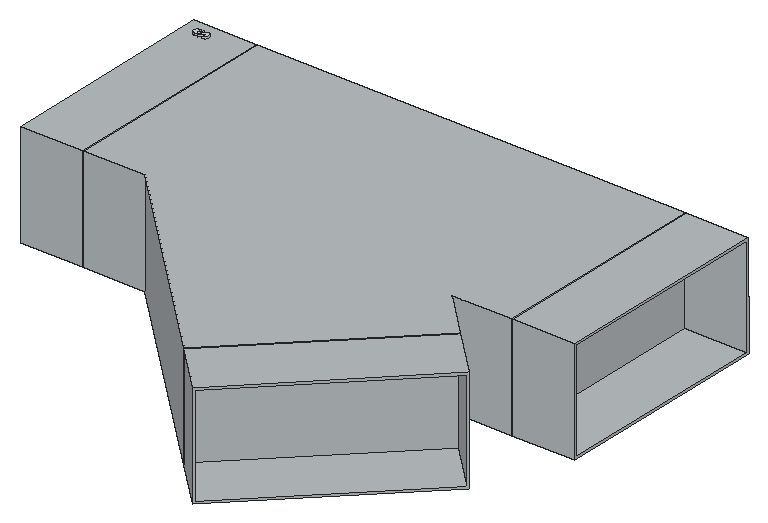
Revit family "NLRS_57_DUF_UN_instortkanaal-stromend-T-stuk-45_LT_velu", category Duct Fittings, Revit 2020
Family settings
  Round Connector Dimension = Use Diameter
  Part Type = Tee
  Work Plane-Based = No
  Always vertical = Yes
  Cut with Voids When Loaded = No
  Shared = No
Parameters (values of type "T-stuk 45 stromend")
  VELU_c03_hoogte [instance] = VELU_c01_hoogte  # 80.00 mm
  VELU_c03_breedte [instance] = VELU_c01_breedte  # 170.00 mm
  VELU_c02_hoogte [instance] = VELU_c01_hoogte  # 80.00 mm
  VELU_c02_breedte [instance] = VELU_c01_breedte  # 170.00 mm
  VELU_c01_hoogte [instance] = if(NLRS_M_c01_hoogte > 70.00 mm, 80.00 mm, 70.00 mm)  # 80.00 mm
  VELU_c01_breedte [instance] = if(VELU_c01_hoogte = 70.00 mm, 170.00 mm, if(NLRS_M_c01_breedte > 220.00 mm, 250.00 mm, if(NLRS_M_c01_breedte > 200.00 mm, 220.00 mm, if(NLRS_M_c01_breedte > 170.00 mm, 200.00 mm, 170.00 mm))))  # 170.00 mm
  VELU_Werkendelengte3 [instance] = size_lookup(VELU_Article_Data, "L3", 50.00 mm, VELU_c01_breedte, VELU_c01_hoogte)  # 257.00 mm
  VELU_Werkendelengte [instance] = VELU_Offset1 + VELU_Offset2  # 342.00 mm
  VELU_Show_Warning [instance] = not(VELU_Correcte_Maatvoering)  # no
  VELU_Offset2 [instance] = size_lookup(VELU_Article_Data, "L2", 50.00 mm, VELU_c01_breedte, VELU_c01_hoogte)  # 257.00 mm
  VELU_Offset1 [instance] = size_lookup(VELU_Article_Data, "L1", 50.00 mm, VELU_c01_breedte, VELU_c01_hoogte)  # 85.00 mm
  VELU_Model [instance] = size_lookup(VELU_Article_Data, "Model", "NB", VELU_c01_breedte, VELU_c01_hoogte)  # "VIK T-stuk 170 x 80 45"
  VELU_Koppelbus_Li1 [instance] = size_lookup(VELU_Article_Data, "Li1", 50.00 mm, VELU_c01_breedte, VELU_c01_hoogte)  # 50.00 mm
  VELU_Gewicht [instance] = size_lookup(VELU_Article_Data, "kg", 0, VELU_c01_breedte, VELU_c01_hoogte) * 1.00 kg / 100  # 1.40 kg
  VELU_Foutmelding [instance] = if(VELU_Show_Warning, "Ongeldige instort maatvoering!", " ")  # " "
  VELU_Correcte_Maatvoering [instance] = (and(NLRS_M_c01_breedte = VELU_c01_breedte, NLRS_M_c01_hoogte = VELU_c01_hoogte))  # yes
  VELU_Calculation_Parameter [instance] = VELU_c03_breedte + 3.00 mm  # 173.00 mm
  VELU_Bim-site [instance] = "https://velu.nl/bim/"
  VELU_Artikel_code [instance] = size_lookup(VELU_Article_Data, "", "NB", VELU_c01_breedte, VELU_c01_hoogte)  # "5110000175"
  VELU_Article_Data = "T45"  # constant formula
  built-in parameter 1114242 [instance] = 1 = 0  # (empty or 0)
  URL = "https://webshop.velu.nl/overige-woningbouw-componenten/"
  Type Comments = "Enkel geschikt voor VELU instort kanaal maten"  # constant formula
  NLRS_M_c03_hoogte [instance] = NLRS_M_c01_hoogte  # 80.00 mm
  NLRS_M_c03_breedte [instance] = NLRS_M_c01_breedte  # 170.00 mm
  NLRS_M_c02_hoogte [instance] = NLRS_M_c01_hoogte  # 80.00 mm
  NLRS_M_c02_breedte [instance] = NLRS_M_c01_breedte  # 170.00 mm
  NLRS_M_c01_hoogte [instance] = 80.00 mm
  NLRS_M_c01_breedte [instance] = 170.00 mm
  NLRS_C_model [instance] = VELU_Model  # "VIK T-stuk 170 x 80 45"
  NLRS_C_description = Description  # "VELU instortkanaal: T-stuk 45, stromend"
  NLRS_C_content_versie = "3.20.01"  # constant formula
  NLRS_C_content_provider = "Velu Klimaattechnische Groothandel"  # constant formula
  NLRS_C_content_datum_gewijzigd = "19-01-2023"  # constant formula
  NLRS_C_content_creator = "J. Feeke"  # constant formula
  Model = "VIK T-stuk, stromend"  # constant formula
  Manufacturer = "Velu Klimaattechnische Groothandel"  # constant formula
  Description = "VELU instortkanaal: T-stuk 45, stromend"  # constant formula
  Default Elevation = 0.00 mm
  Assembly Code = "57.00"
Reference planes
  plane 1 "Center (Front/Back)": y = 0
  plane 2: z = 0
  plane 3 "Center (Left/Right)": x = 0
  plane 4: x = 257
  plane 5: y = 85
  plane 6: y = -85
  plane 7: y = 86.5
  plane 8: y = -86.5
  plane 9: z = 40
  plane 10: z = -40
  plane 11: z = 41.5
  plane 12: z = -41.5
  plane 13: x = -85
  plane 14: x = -135
Forms (mm)
  Extrusion 1, solid, material "VELU_Label", not visible
    sketch origin (-547.644, -297.937, 0) x (1, 0, 0) y (0, 1, 0)
      loop
        arc (546.644, 298.937) -> (545.644, 297.937) -> (546.644, 296.937) r 1
        line (546.644, 296.937) -> (546.644, 297.937) -> (547.644, 296.937) -> (547.644, 297.937) -> (546.644, 298.937)
    from 0 to 1
  Extrusion 2, solid, material "VELU_Label", not visible
    sketch origin (0, 0, 0) x (1, 0, 0) y (0, 1, 0)
      loop
        arc (1, -1) -> (2, 0) -> (1, 1) r 1
        line (1, 1) -> (1, 0) -> (0, 1) -> (0, 0) -> (1, -1)
    from 0 to 1
  Extrusion 3, solid, material "NLRS_57_sendzimir verzinkt_gen_sacs", detail levels medium+fine
    sketch origin (0, 0, 0) x (1, 0, 0) y (0, 1, 0)
      loop
        line (-35.829, -86.5) -> (120.562, -242.891) -> (242.891, -120.562) -> (208.829, -86.5) -> (257, -86.5) -> (257, 86.5) -> (-85, 86.5) -> (-85, -86.5) -> (-35.829, -86.5)
    from -41.5 to 41.5
  Sweep 4, solid, material "NLRS_57_sendzimir verzinkt_gen_sacs", detail levels medium+fine
    path in 3D
      loop
        line (-85, -86.5, 41.5) -> (-85, -86.5, -41.5) -> (-85, 86.5, -41.5) -> (-85, 86.5, 41.5) -> (-85, -86.5, 41.5)
    profile "mof : mof" origin (-85, 0, 41.5) x (1, 0, 0) y (0, 0, 1)
      loop
        line (0, 0) -> (-50, 0) -> (-50, -1.5) -> (0, -1.5) -> (0, 0)
  Sweep 5, solid, material "NLRS_57_sendzimir verzinkt_gen_sacs", detail levels medium+fine
    path in 3D
      loop
        line (257, 86.5, 41.5) -> (257, 86.5, -41.5) -> (257, -86.5, -41.5) -> (257, -86.5, 41.5) -> (257, 86.5, 41.5)
    profile "mof : mof" origin (257, 0, 41.5) x (-1, 0, 0) y (0, 0, 1)
      loop
        line (0, 0) -> (-50, 0) -> (-50, -1.5) -> (0, -1.5) -> (0, 0)
  Sweep 6, solid, material "NLRS_57_sendzimir verzinkt_gen_sacs", detail levels medium+fine
    path in 3D
      loop
        line (242.891, -120.562, 41.5) -> (242.891, -120.562, -41.5) -> (120.562, -242.891, -41.5) -> (120.562, -242.891, 41.5) -> (242.891, -120.562, 41.5)
    profile "mof : mof" origin (181.726, -181.726, 41.5) x (-0.707107, 0.707107, 0) y (0, 0, 1)
      loop
        line (0, 0) -> (-50, 0) -> (-50, -1.5) -> (0, -1.5) -> (0, 0)
Lines and regions (mm)
  reference lines
    curve 1: line (0, 0, 0) -> (181.726, -181.726, 0)
  model lines, detail levels coarse
    curve 2: line (-85, 0, 0) -> (257, 0, 0)
    curve 11: line (0, 0, 0) -> (181.726, -181.726, 0)
  sketch lines
    curve 3: line (-85, 86.5, 41.5) -> (-85, -86.5, 41.5)
    curve 4: line (-85, 86.5, 41.5) -> (-85, 86.5, -41.5)
    curve 5: line (-85, -86.5, -41.5) -> (-85, 86.5, -41.5)
    curve 6: line (-85, -86.5, 41.5) -> (-85, -86.5, -41.5)
    curve 7: line (257, -86.5, 41.5) -> (257, 86.5, 41.5)
    curve 8: line (257, -86.5, 41.5) -> (257, -86.5, -41.5)
    curve 9: line (257, 86.5, -41.5) -> (257, -86.5, -41.5)
    curve 10: line (257, 86.5, 41.5) -> (257, 86.5, -41.5)
    curve 12: line (120.562, -242.891, 41.5) -> (242.891, -120.562, 41.5)
    curve 13: line (242.891, -120.562, 41.5) -> (242.891, -120.562, -41.5)
    curve 14: line (242.891, -120.562, -41.5) -> (120.562, -242.891, -41.5)
    curve 15: line (120.562, -242.891, 41.5) -> (120.562, -242.891, -41.5)
Dimensions and locks
  equal spacing: plane 5, plane 1 "Center (Front/Back)", plane 6
  "VELU_c01_breedte": plane 5 to plane 6
  locked: plane 7 to plane 5 at 1.5
  locked: plane 6 to plane 8 at 1.5
  equal spacing: plane 9, level, plane 10
  "VELU_c01_hoogte": plane 9 to plane 10
  locked: plane 10 to plane 12 at 1.5
  locked: plane 11 to plane 9 at 1.5
  locked: plane 7 to nested 2 at 11.5
  locked: plane 7 to nested 1 at 11.5
  "VELU_Offset1": plane 13 to plane 3 "Center (Left/Right)"
  "VELU_Offset2": plane 3 "Center (Left/Right)" to plane 4
  "VELU_Werkendelengte3": curve 1 to curve 1
  "VELU_Koppelbus_Li1": plane 14 to plane 13
  locked: plane 14 to nested 1 at 15
  locked: plane 14 to nested 2 at 15
  equal spacing: Extrusion 3 sketch curve, curve 1, Extrusion 3 sketch curve
  "VELU_Calculation_Parameter": Extrusion 3 sketch curve to Extrusion 3 sketch curve
  "VELU_Werkendelengte3": curve 11 to curve 11
  equal spacing: plane 13, nested 3, plane 4
  locked: curve 1 to plane 1 "Center (Front/Back)" (angle 45.00°)
  locked: curve 1 to Extrusion 3 sketch curve (angle 90.00°)
  locked: Extrusion 3 sketch curve to Extrusion 3 sketch curve (angle 90.00°)  (x2)
  locked: curve 11 to curve 2 (angle 45.00°)
  aligned and locked: level to plane 2
  aligned and locked: plane 11 to nested 1
  aligned and locked: nested 2 to plane 12
  aligned and locked: plane 3 "Center (Left/Right)" to curve 1
  aligned and locked: plane 1 "Center (Front/Back)" to curve 1
  aligned and locked: plane 13 to Extrusion 3 sketch curve
  aligned and locked: Extrusion 3 sketch curve to plane 7
  aligned and locked: Extrusion 3 sketch curve to plane 4
  aligned and locked: plane 8 to Extrusion 3 sketch curve  (x2)
  aligned and locked: Extrusion 3 to plane 12
  aligned and locked: plane 11 to Extrusion 3
  aligned and locked: plane 4 to curve 2
  aligned and locked: plane 13 to curve 2
  aligned and locked: Extrusion 3 sketch curve to curve 1
  aligned and locked: plane 3 "Center (Left/Right)" to curve 11
  aligned and locked: plane 1 "Center (Front/Back)" to curve 11
Automatic sketch dimensions
  plane 1 "Center (Front/Back)" to Extrusion 1 sketch curve = 0.00 mm  (x3)
  Extrusion 1 sketch curve to plane 3 "Center (Left/Right)" = 0.00 mm
  Extrusion 1 sketch curve to plane 3 "Center (Left/Right)" = 1.00 mm
  Extrusion 1 sketch curve to Extrusion 1 sketch curve = 1.00 mm  (x2)
  plane 1 "Center (Front/Back)" to Extrusion 2 sketch curve = 0.00 mm  (x3)
  Extrusion 2 sketch curve to plane 3 "Center (Left/Right)" = 0.00 mm
  plane 3 "Center (Left/Right)" to Extrusion 2 sketch curve = 1.00 mm
  Extrusion 2 sketch curve to Extrusion 2 sketch curve = 1.00 mm
  Extrusion 2 sketch curve to Extrusion 2 sketch curve = 0.00 mm
Nested families
  nested 1: "logo_single" at (-120, 75, 41.5) x (-1, 0, 0) z (0, 0, 1), type "logo_single", detail levels medium+fine
  nested 2: "logo_single" at (-120, 75, -42.5), type "logo_single", detail levels medium+fine
  nested 3: "Warning_R20" at (86, 0, 0), visible <- "VELU_Show_Warning", type "Warning_R20"
Connectors
  hvac at (-85, 0, 0), driven by "NLRS_M_c01_hoogte", driven by "NLRS_M_c01_breedte"
    settings: on Extrusion 3, index 1, duct flow 0.0 L/s, flow factor 0, pres drop 0.0 Pa, loss coef 0, conn angle 0.00°, conn width 170 mm, conn height 80 mm, conn diameter 609.6 mm, duct sys type 28, conn prof type 1, flow config 0, flow direction 0, loss method 0, conn ref index 2, conn util no, is conn primary yes, conn desc ""
  hvac at (257, 0, 0), driven by "NLRS_M_c01_hoogte", driven by "NLRS_M_c01_breedte"
    settings: on Extrusion 3, index 2, duct flow 0.0 L/s, flow factor 0, pres drop 0.0 Pa, loss coef 0, conn angle 0.00°, conn width 170 mm, conn height 80 mm, conn diameter 609.6 mm, duct sys type 28, conn prof type 1, flow config 0, flow direction 0, loss method 0, conn ref index 1, conn util no, is conn primary no, conn desc ""
  hvac at (181.726, -181.726, 0), driven by "NLRS_M_c01_hoogte", driven by "NLRS_M_c01_breedte"
    settings: on Extrusion 3, index 3, duct flow 0.0 L/s, flow factor 0, pres drop 0.0 Pa, loss coef 0, conn angle -45.00°, conn width 170 mm, conn height 80 mm, conn diameter 609.6 mm, duct sys type 28, conn prof type 1, flow config 0, flow direction 0, loss method 0, conn ref index -1, conn util no, is conn primary no, conn desc ""
Definition of nested family "logo_single"
  Parameters (values of type "logo_single")
    t = 3.00 mm
    Model = ""
    Description = ""
    Default Elevation = 0.00 mm
  Reference planes
    plane 1 "Center (Front/Back)": y = 0
    plane 2: z = 0
    plane 3 "Center (Left/Right)": x = 0
    plane 4: x = -6
    plane 5: y = -3
    plane 6: y = 3
    plane 7: x = -3
    plane 8: x = 3
    plane 9: x = 6
  Forms (mm)
    Extrusion 1, solid
      sketch origin (-547.644, -297.937, 0) x (1, 0, 0) y (0, 1, 0)
        loop
          arc (544.644, 300.937) -> (541.644, 297.937) -> (544.644, 294.937) r 3
          line (544.644, 294.937) -> (544.644, 297.937) -> (547.644, 294.937) -> (547.644, 297.937) -> (544.644, 300.937)
      from 0 to 1
    Extrusion 2, solid
      sketch origin (0, 0, 0) x (1, 0, 0) y (0, 1, 0)
        loop
          arc (3, -3) -> (6, 0) -> (3, 3) r 3
          line (3, 3) -> (3, 0) -> (0, 3) -> (0, 0) -> (3, -3)
      from 0 to 1
  Dimensions and locks
    "t": plane 6 to plane 1 "Center (Front/Back)"
    "t": plane 5 to plane 1 "Center (Front/Back)"
    "t": plane 4 to plane 7
    "t": plane 7 to plane 3 "Center (Left/Right)"
    "t": plane 3 "Center (Left/Right)" to plane 8
    "t": plane 8 to plane 9
    aligned and locked: level to plane 2
  Automatic sketch dimensions
    plane 1 "Center (Front/Back)" to Extrusion 1 sketch curve = 0.00 mm  (x3)
    Extrusion 1 sketch curve to plane 7 = 0.00 mm
    Extrusion 1 sketch curve to plane 6 = 0.00 mm
    Extrusion 1 sketch curve to plane 3 "Center (Left/Right)" = 0.00 mm
    Extrusion 1 sketch curve to plane 5 = 0.00 mm
    Extrusion 2 sketch curve to plane 3 "Center (Left/Right)" = 0.00 mm
    plane 1 "Center (Front/Back)" to Extrusion 2 sketch curve = 0.00 mm  (x3)
    Extrusion 2 sketch curve to plane 5 = 0.00 mm
    Extrusion 2 sketch curve to plane 8 = 0.00 mm
    Extrusion 2 sketch curve to plane 6 = 0.00 mm
Definition of nested family "Warning_R20"
  Parameters (values of type "Warning_R20")
    TW = 51.60 mm * Scale  # 51.60 mm
    TH = 75.00 mm * Scale  # 75.00 mm
    Scale = 1
    CO = 50.00 mm * Scale  # 50.00 mm
    CD = 50.00 mm * Scale  # 50.00 mm
    BW = 40.00 mm * Scale  # 40.00 mm
    BH = 12.00 mm * Scale  # 12.00 mm
  Reference planes
    plane 1 "Center (Front/Back)": y = 0
    plane 2: z = 0
    plane 3 "Center (Left/Right)": x = 0
  Lines and regions (mm)
    Filled region 1, type "Solid Fill - Black", in view "Ref. Level"
      outline origin (0, 0, 0) x (1, 0, 0) y (0, 1, 0)
        loop
          line (-25.8, 75) -> (-20, -12) -> (20, -12) -> (25.8, 75) -> (-25.8, 75)
        loop
          circle (0, -50) r 25
  Dimensions and locks
    equal spacing: Filled region 1 sketch curve, plane 3 "Center (Left/Right)", Filled region 1 sketch curve  (x2)
    "TH": plane 1 "Center (Front/Back)" to Filled region 1 sketch curve
    "BH": Filled region 1 sketch curve to plane 1 "Center (Front/Back)"
    "CO": Filled region 1 sketch curve to plane 1 "Center (Front/Back)"
    "TW": Filled region 1 sketch curve to Filled region 1 sketch curve
    "BW": Filled region 1 sketch curve to Filled region 1 sketch curve
    "CD": diameter of Filled region 1 sketch curve
    aligned and locked: plane 3 "Center (Left/Right)" to Filled region 1 sketch curve
